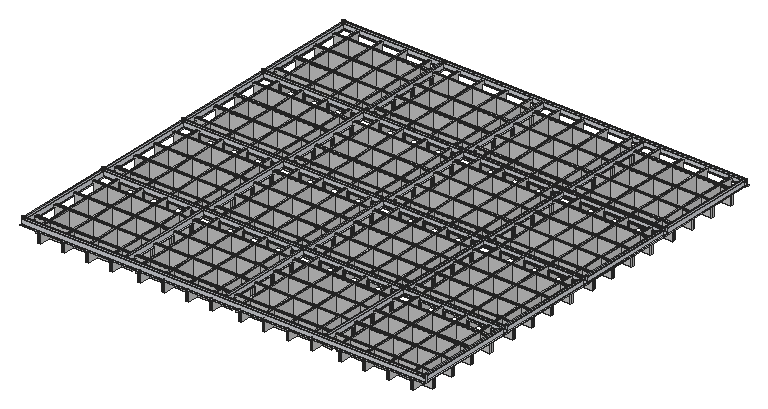
Revit family "GRD-WFL-001_RFA", category Modelos genéricos, Revit 2022
Family settings
  Puede alojar armadura = No
  Cota de conector redondo = Diámetro de uso
  Tipo de pieza = Normal
  Se basa en plano de trabajo = No
  Siempre vertical = Sí
  Corte con vacíos al cargar = No
  Mantener orientación de anotación = No
  Compartido = No
  Punto de cálculo de habitación = No
Parameters
  Elevación por defecto = 0.00"
Reference planes (in)
  plane 1 "Centro (Frontal/Posterior)": y = 0
  plane 2: z = 0
  plane 3 "Centro (Izquierda/Derecha)": x = 0
Forms (in)
  Extrusion 1, solid, not visible
    sketch origin (0, 0, 0) x (1, 0, 0) y (0, 1, 0)
      loop
        line (0, 2.25) -> (0, 0) -> (108, 0) -> (108, 2.25) -> (0, 2.25)
    from 0 to 8
  Extrusion 2, solid, not visible
    sketch origin (0, 0, 0) x (1, 0, 0) y (0, 1, 0)
      loop
        line (0, 2.25) -> (0, 0) -> (108, 0) -> (108, 2.25) -> (0, 2.25)
    from 0 to 8
  Extrusion 3, solid, not visible
    sketch origin (0, 8, 0) x (1, 0, 0) y (0, 1, 0)
      loop
        line (0, 2.25) -> (0, 0) -> (108, 0) -> (108, 2.25) -> (0, 2.25)
    from 0 to 8
  Extrusion 4, solid, not visible
    sketch origin (0, 16, 0) x (1, 0, 0) y (0, 1, 0)
      loop
        line (0, 2.25) -> (0, 0) -> (108, 0) -> (108, 2.25) -> (0, 2.25)
    from 0 to 8
  Extrusion 5, solid, not visible
    sketch origin (0, 24, 0) x (1, 0, 0) y (0, 1, 0)
      loop
        line (0, 2.25) -> (0, 0) -> (108, 0) -> (108, 2.25) -> (0, 2.25)
    from 0 to 8
  Extrusion 6, solid, not visible
    sketch origin (0, 32, 0) x (1, 0, 0) y (0, 1, 0)
      loop
        line (0, 2.25) -> (0, 0) -> (108, 0) -> (108, 2.25) -> (0, 2.25)
    from 0 to 8
  Extrusion 7, solid, not visible
    sketch origin (0, 40, 0) x (1, 0, 0) y (0, 1, 0)
      loop
        line (0, 2.25) -> (0, 0) -> (108, 0) -> (108, 2.25) -> (0, 2.25)
    from 0 to 8
  Extrusion 8, solid, not visible
    sketch origin (0, 48, 0) x (1, 0, 0) y (0, 1, 0)
      loop
        line (0, 2.25) -> (0, 0) -> (108, 0) -> (108, 2.25) -> (0, 2.25)
    from 0 to 8
  Extrusion 9, solid, not visible
    sketch origin (0, 56, 0) x (1, 0, 0) y (0, 1, 0)
      loop
        line (0, 2.25) -> (0, 0) -> (108, 0) -> (108, 2.25) -> (0, 2.25)
    from 0 to 8
  Extrusion 10, solid, not visible
    sketch origin (0, 64, 0) x (1, 0, 0) y (0, 1, 0)
      loop
        line (0, 2.25) -> (0, 0) -> (108, 0) -> (108, 2.25) -> (0, 2.25)
    from 0 to 8
  Extrusion 11, solid, not visible
    sketch origin (0, 72, 0) x (1, 0, 0) y (0, 1, 0)
      loop
        line (0, 2.25) -> (0, 0) -> (108, 0) -> (108, 2.25) -> (0, 2.25)
    from 0 to 8
  Extrusion 12, solid, not visible
    sketch origin (0, 80, 0) x (1, 0, 0) y (0, 1, 0)
      loop
        line (0, 2.25) -> (0, 0) -> (108, 0) -> (108, 2.25) -> (0, 2.25)
    from 0 to 8
  Extrusion 13, solid, not visible
    sketch origin (0, 88, 0) x (1, 0, 0) y (0, 1, 0)
      loop
        line (0, 2.25) -> (0, 0) -> (108, 0) -> (108, 2.25) -> (0, 2.25)
    from 0 to 8
  Extrusion 14, solid, not visible
    sketch origin (0, 96, 0) x (1, 0, 0) y (0, 1, 0)
      loop
        line (0, 2.25) -> (0, 0) -> (108, 0) -> (108, 2.25) -> (0, 2.25)
    from 0 to 8
  Extrusion 15, solid, not visible
    sketch origin (0, 104, 0) x (1, 0, 0) y (0, 1, 0)
      loop
        line (0, 2.25) -> (0, 0) -> (108, 0) -> (108, 2.25) -> (0, 2.25)
    from 0 to 8
  Extrusion 16, solid, not visible
    sketch origin (0, 112, 0) x (1, 0, 0) y (0, 1, 0)
      loop
        line (0, 2.25) -> (0, 0) -> (108, 0) -> (108, 2.25) -> (0, 2.25)
    from 0 to 8
  Extrusion 17, solid, not visible
    sketch origin (0, 120, 0) x (1, 0, 0) y (0, 1, 0)
      loop
        line (0, 2.25) -> (0, 0) -> (108, 0) -> (108, 2.25) -> (0, 2.25)
    from 0 to 8
  Extrusion 18, solid, not visible
    sketch origin (0, 128, 0) x (1, 0, 0) y (0, 1, 0)
      loop
        line (0, 2.25) -> (0, 0) -> (108, 0) -> (108, 2.25) -> (0, 2.25)
    from 0 to 8
  Extrusion 19, solid, not visible
    sketch origin (0, 136, 0) x (1, 0, 0) y (0, 1, 0)
      loop
        line (0, 2.25) -> (0, 0) -> (108, 0) -> (108, 2.25) -> (0, 2.25)
    from 0 to 8
  Extrusion 20, solid, not visible
    sketch origin (0, 144, 0) x (1, 0, 0) y (0, 1, 0)
      loop
        line (0, 2.25) -> (0, 0) -> (108, 0) -> (108, 2.25) -> (0, 2.25)
    from 0 to 8
  Extrusion 21, solid, not visible
    sketch origin (0, 152, 0) x (1, 0, 0) y (0, 1, 0)
      loop
        line (0, 2.25) -> (0, 0) -> (108, 0) -> (108, 2.25) -> (0, 2.25)
    from 0 to 8
  Extrusion 22, solid, not visible
    sketch origin (109, 0, 0) x (1, 0, 0) y (0, 1, 0)
      loop
        line (0, 2.25) -> (0, 0) -> (108, 0) -> (108, 2.25) -> (0, 2.25)
    from 0 to 8
  Extrusion 23, solid, not visible
    sketch origin (109, 8, 0) x (1, 0, 0) y (0, 1, 0)
      loop
        line (0, 2.25) -> (0, 0) -> (108, 0) -> (108, 2.25) -> (0, 2.25)
    from 0 to 8
  Extrusion 24, solid, not visible
    sketch origin (109, 16, 0) x (1, 0, 0) y (0, 1, 0)
      loop
        line (0, 2.25) -> (0, 0) -> (108, 0) -> (108, 2.25) -> (0, 2.25)
    from 0 to 8
  Extrusion 25, solid, not visible
    sketch origin (109, 24, 0) x (1, 0, 0) y (0, 1, 0)
      loop
        line (0, 2.25) -> (0, 0) -> (108, 0) -> (108, 2.25) -> (0, 2.25)
    from 0 to 8
  Extrusion 26, solid, not visible
    sketch origin (109, 32, 0) x (1, 0, 0) y (0, 1, 0)
      loop
        line (0, 2.25) -> (0, 0) -> (108, 0) -> (108, 2.25) -> (0, 2.25)
    from 0 to 8
  Extrusion 27, solid, not visible
    sketch origin (109, 40, 0) x (1, 0, 0) y (0, 1, 0)
      loop
        line (0, 2.25) -> (0, 0) -> (108, 0) -> (108, 2.25) -> (0, 2.25)
    from 0 to 8
  Extrusion 28, solid, not visible
    sketch origin (109, 48, 0) x (1, 0, 0) y (0, 1, 0)
      loop
        line (0, 2.25) -> (0, 0) -> (108, 0) -> (108, 2.25) -> (0, 2.25)
    from 0 to 8
  Extrusion 29, solid, not visible
    sketch origin (109, 56, 0) x (1, 0, 0) y (0, 1, 0)
      loop
        line (0, 2.25) -> (0, 0) -> (108, 0) -> (108, 2.25) -> (0, 2.25)
    from 0 to 8
  Extrusion 30, solid, not visible
    sketch origin (109, 64, 0) x (1, 0, 0) y (0, 1, 0)
      loop
        line (0, 2.25) -> (0, 0) -> (108, 0) -> (108, 2.25) -> (0, 2.25)
    from 0 to 8
  Extrusion 31, solid, not visible
    sketch origin (109, 72, 0) x (1, 0, 0) y (0, 1, 0)
      loop
        line (0, 2.25) -> (0, 0) -> (108, 0) -> (108, 2.25) -> (0, 2.25)
    from 0 to 8
  Extrusion 32, solid, not visible
    sketch origin (109, 80, 0) x (1, 0, 0) y (0, 1, 0)
      loop
        line (0, 2.25) -> (0, 0) -> (108, 0) -> (108, 2.25) -> (0, 2.25)
    from 0 to 8
  Extrusion 33, solid, not visible
    sketch origin (109, 88, 0) x (1, 0, 0) y (0, 1, 0)
      loop
        line (0, 2.25) -> (0, 0) -> (108, 0) -> (108, 2.25) -> (0, 2.25)
    from 0 to 8
  Extrusion 34, solid, not visible
    sketch origin (109, 96, 0) x (1, 0, 0) y (0, 1, 0)
      loop
        line (0, 2.25) -> (0, 0) -> (108, 0) -> (108, 2.25) -> (0, 2.25)
    from 0 to 8
  Extrusion 35, solid, not visible
    sketch origin (109, 104, 0) x (1, 0, 0) y (0, 1, 0)
      loop
        line (0, 2.25) -> (0, 0) -> (108, 0) -> (108, 2.25) -> (0, 2.25)
    from 0 to 8
  Extrusion 36, solid, not visible
    sketch origin (109, 112, 0) x (1, 0, 0) y (0, 1, 0)
      loop
        line (0, 2.25) -> (0, 0) -> (108, 0) -> (108, 2.25) -> (0, 2.25)
    from 0 to 8
  Extrusion 37, solid, not visible
    sketch origin (109, 120, 0) x (1, 0, 0) y (0, 1, 0)
      loop
        line (0, 2.25) -> (0, 0) -> (108, 0) -> (108, 2.25) -> (0, 2.25)
    from 0 to 8
  Extrusion 38, solid, not visible
    sketch origin (109, 128, 0) x (1, 0, 0) y (0, 1, 0)
      loop
        line (0, 2.25) -> (0, 0) -> (108, 0) -> (108, 2.25) -> (0, 2.25)
    from 0 to 8
  Extrusion 39, solid, not visible
    sketch origin (109, 136, 0) x (1, 0, 0) y (0, 1, 0)
      loop
        line (0, 2.25) -> (0, 0) -> (108, 0) -> (108, 2.25) -> (0, 2.25)
    from 0 to 8
  Extrusion 40, solid, not visible
    sketch origin (109, 144, 0) x (1, 0, 0) y (0, 1, 0)
      loop
        line (0, 2.25) -> (0, 0) -> (108, 0) -> (108, 2.25) -> (0, 2.25)
    from 0 to 8
  Extrusion 41, solid, not visible
    sketch origin (109, 152, 0) x (1, 0, 0) y (0, 1, 0)
      loop
        line (0, 2.25) -> (0, 0) -> (108, 0) -> (108, 2.25) -> (0, 2.25)
    from 0 to 8
  Extrusion 42, solid, not visible
    sketch origin (-108, 0, 0) x (1, 0, 0) y (0, 1, 0)
      loop
        line (0, 2.25) -> (0, 0) -> (108, 0) -> (108, 2.25) -> (0, 2.25)
    from 0 to 8
  Extrusion 43, solid, not visible
    sketch origin (-108, 8, 0) x (1, 0, 0) y (0, 1, 0)
      loop
        line (0, 2.25) -> (0, 0) -> (108, 0) -> (108, 2.25) -> (0, 2.25)
    from 0 to 8
  Extrusion 44, solid, not visible
    sketch origin (-108, 16, 0) x (1, 0, 0) y (0, 1, 0)
      loop
        line (0, 2.25) -> (0, 0) -> (108, 0) -> (108, 2.25) -> (0, 2.25)
    from 0 to 8
  Extrusion 45, solid, not visible
    sketch origin (-108, 24, 0) x (1, 0, 0) y (0, 1, 0)
      loop
        line (0, 2.25) -> (0, 0) -> (108, 0) -> (108, 2.25) -> (0, 2.25)
    from 0 to 8
  Extrusion 46, solid, not visible
    sketch origin (-108, 32, 0) x (1, 0, 0) y (0, 1, 0)
      loop
        line (0, 2.25) -> (0, 0) -> (108, 0) -> (108, 2.25) -> (0, 2.25)
    from 0 to 8
  Extrusion 47, solid, not visible
    sketch origin (-108, 40, 0) x (1, 0, 0) y (0, 1, 0)
      loop
        line (0, 2.25) -> (0, 0) -> (108, 0) -> (108, 2.25) -> (0, 2.25)
    from 0 to 8
  Extrusion 48, solid, not visible
    sketch origin (1, 0, 0) x (1, 0, 0) y (0, 1, 0)
      loop
        line (0, 2.25) -> (0, 0) -> (108, 0) -> (108, 2.25) -> (0, 2.25)
    from 0 to 8
  Extrusion 49, solid, not visible
    sketch origin (1, 8, 0) x (1, 0, 0) y (0, 1, 0)
      loop
        line (0, 2.25) -> (0, 0) -> (108, 0) -> (108, 2.25) -> (0, 2.25)
    from 0 to 8
  Extrusion 50, solid, not visible
    sketch origin (1, 16, 0) x (1, 0, 0) y (0, 1, 0)
      loop
        line (0, 2.25) -> (0, 0) -> (108, 0) -> (108, 2.25) -> (0, 2.25)
    from 0 to 8
  Extrusion 51, solid, not visible
    sketch origin (1, 24, 0) x (1, 0, 0) y (0, 1, 0)
      loop
        line (0, 2.25) -> (0, 0) -> (108, 0) -> (108, 2.25) -> (0, 2.25)
    from 0 to 8
  Extrusion 52, solid, not visible
    sketch origin (1, 32, 0) x (1, 0, 0) y (0, 1, 0)
      loop
        line (0, 2.25) -> (0, 0) -> (108, 0) -> (108, 2.25) -> (0, 2.25)
    from 0 to 8
  Extrusion 53, solid, not visible
    sketch origin (1, 40, 0) x (1, 0, 0) y (0, 1, 0)
      loop
        line (0, 2.25) -> (0, 0) -> (108, 0) -> (108, 2.25) -> (0, 2.25)
    from 0 to 8
  Extrusion 54, solid, not visible
    sketch origin (-108, 48, 0) x (1, 0, 0) y (0, 1, 0)
      loop
        line (0, 2.25) -> (0, 0) -> (108, 0) -> (108, 2.25) -> (0, 2.25)
    from 0 to 8
  Extrusion 55, solid, not visible
    sketch origin (-108, 56, 0) x (1, 0, 0) y (0, 1, 0)
      loop
        line (0, 2.25) -> (0, 0) -> (108, 0) -> (108, 2.25) -> (0, 2.25)
    from 0 to 8
  Extrusion 56, solid, not visible
    sketch origin (-108, 64, 0) x (1, 0, 0) y (0, 1, 0)
      loop
        line (0, 2.25) -> (0, 0) -> (108, 0) -> (108, 2.25) -> (0, 2.25)
    from 0 to 8
  Extrusion 57, solid, not visible
    sketch origin (-108, 72, 0) x (1, 0, 0) y (0, 1, 0)
      loop
        line (0, 2.25) -> (0, 0) -> (108, 0) -> (108, 2.25) -> (0, 2.25)
    from 0 to 8
  Extrusion 58, solid, not visible
    sketch origin (-108, 80, 0) x (1, 0, 0) y (0, 1, 0)
      loop
        line (0, 2.25) -> (0, 0) -> (108, 0) -> (108, 2.25) -> (0, 2.25)
    from 0 to 8
  Extrusion 59, solid, not visible
    sketch origin (1, 48, 0) x (1, 0, 0) y (0, 1, 0)
      loop
        line (0, 2.25) -> (0, 0) -> (108, 0) -> (108, 2.25) -> (0, 2.25)
    from 0 to 8
  Extrusion 60, solid, not visible
    sketch origin (1, 56, 0) x (1, 0, 0) y (0, 1, 0)
      loop
        line (0, 2.25) -> (0, 0) -> (108, 0) -> (108, 2.25) -> (0, 2.25)
    from 0 to 8
  Extrusion 61, solid, not visible
    sketch origin (1, 64, 0) x (1, 0, 0) y (0, 1, 0)
      loop
        line (0, 2.25) -> (0, 0) -> (108, 0) -> (108, 2.25) -> (0, 2.25)
    from 0 to 8
  Extrusion 62, solid, not visible
    sketch origin (1, 72, 0) x (1, 0, 0) y (0, 1, 0)
      loop
        line (0, 2.25) -> (0, 0) -> (108, 0) -> (108, 2.25) -> (0, 2.25)
    from 0 to 8
  Extrusion 63, solid, not visible
    sketch origin (1, 80, 0) x (1, 0, 0) y (0, 1, 0)
      loop
        line (0, 2.25) -> (0, 0) -> (108, 0) -> (108, 2.25) -> (0, 2.25)
    from 0 to 8
  Extrusion 64, solid, not visible
    sketch origin (-108, 88, 0) x (1, 0, 0) y (0, 1, 0)
      loop
        line (0, 2.25) -> (0, 0) -> (108, 0) -> (108, 2.25) -> (0, 2.25)
    from 0 to 8
  Extrusion 65, solid, not visible
    sketch origin (-108, 96, 0) x (1, 0, 0) y (0, 1, 0)
      loop
        line (0, 2.25) -> (0, 0) -> (108, 0) -> (108, 2.25) -> (0, 2.25)
    from 0 to 8
  Extrusion 66, solid, not visible
    sketch origin (-108, 104, 0) x (1, 0, 0) y (0, 1, 0)
      loop
        line (0, 2.25) -> (0, 0) -> (108, 0) -> (108, 2.25) -> (0, 2.25)
    from 0 to 8
  Extrusion 67, solid, not visible
    sketch origin (-108, 112, 0) x (1, 0, 0) y (0, 1, 0)
      loop
        line (0, 2.25) -> (0, 0) -> (108, 0) -> (108, 2.25) -> (0, 2.25)
    from 0 to 8
  Extrusion 68, solid, not visible
    sketch origin (-108, 120, 0) x (1, 0, 0) y (0, 1, 0)
      loop
        line (0, 2.25) -> (0, 0) -> (108, 0) -> (108, 2.25) -> (0, 2.25)
    from 0 to 8
  Extrusion 69, solid, not visible
    sketch origin (1, 88, 0) x (1, 0, 0) y (0, 1, 0)
      loop
        line (0, 2.25) -> (0, 0) -> (108, 0) -> (108, 2.25) -> (0, 2.25)
    from 0 to 8
  Extrusion 70, solid, not visible
    sketch origin (1, 96, 0) x (1, 0, 0) y (0, 1, 0)
      loop
        line (0, 2.25) -> (0, 0) -> (108, 0) -> (108, 2.25) -> (0, 2.25)
    from 0 to 8
  Extrusion 71, solid, not visible
    sketch origin (1, 104, 0) x (1, 0, 0) y (0, 1, 0)
      loop
        line (0, 2.25) -> (0, 0) -> (108, 0) -> (108, 2.25) -> (0, 2.25)
    from 0 to 8
  Extrusion 72, solid, not visible
    sketch origin (1, 112, 0) x (1, 0, 0) y (0, 1, 0)
      loop
        line (0, 2.25) -> (0, 0) -> (108, 0) -> (108, 2.25) -> (0, 2.25)
    from 0 to 8
  Extrusion 73, solid, not visible
    sketch origin (1, 120, 0) x (1, 0, 0) y (0, 1, 0)
      loop
        line (0, 2.25) -> (0, 0) -> (108, 0) -> (108, 2.25) -> (0, 2.25)
    from 0 to 8
  Extrusion 74, solid, not visible
    sketch origin (-108, 128, 0) x (1, 0, 0) y (0, 1, 0)
      loop
        line (0, 2.25) -> (0, 0) -> (108, 0) -> (108, 2.25) -> (0, 2.25)
    from 0 to 8
  Extrusion 75, solid, not visible
    sketch origin (-108, 136, 0) x (1, 0, 0) y (0, 1, 0)
      loop
        line (0, 2.25) -> (0, 0) -> (108, 0) -> (108, 2.25) -> (0, 2.25)
    from 0 to 8
  Extrusion 76, solid, not visible
    sketch origin (-108, 144, 0) x (1, 0, 0) y (0, 1, 0)
      loop
        line (0, 2.25) -> (0, 0) -> (108, 0) -> (108, 2.25) -> (0, 2.25)
    from 0 to 8
  Extrusion 77, solid, not visible
    sketch origin (-108, 152, 0) x (1, 0, 0) y (0, 1, 0)
      loop
        line (0, 2.25) -> (0, 0) -> (108, 0) -> (108, 2.25) -> (0, 2.25)
    from 0 to 8
  Extrusion 78, solid, not visible
    sketch origin (-108, 160, 0) x (1, 0, 0) y (0, 1, 0)
      loop
        line (0, 2.25) -> (0, 0) -> (108, 0) -> (108, 2.25) -> (0, 2.25)
    from 0 to 8
  Extrusion 79, solid, not visible
    sketch origin (1, 128, 0) x (1, 0, 0) y (0, 1, 0)
      loop
        line (0, 2.25) -> (0, 0) -> (108, 0) -> (108, 2.25) -> (0, 2.25)
    from 0 to 8
  Extrusion 80, solid, not visible
    sketch origin (1, 136, 0) x (1, 0, 0) y (0, 1, 0)
      loop
        line (0, 2.25) -> (0, 0) -> (108, 0) -> (108, 2.25) -> (0, 2.25)
    from 0 to 8
  Extrusion 81, solid, not visible
    sketch origin (1, 144, 0) x (1, 0, 0) y (0, 1, 0)
      loop
        line (0, 2.25) -> (0, 0) -> (108, 0) -> (108, 2.25) -> (0, 2.25)
    from 0 to 8
  Extrusion 82, solid, not visible
    sketch origin (1, 152, 0) x (1, 0, 0) y (0, 1, 0)
      loop
        line (0, 2.25) -> (0, 0) -> (108, 0) -> (108, 2.25) -> (0, 2.25)
    from 0 to 8
  Extrusion 83, solid, not visible
    sketch origin (1, 160, 0) x (1, 0, 0) y (0, 1, 0)
      loop
        line (0, 2.25) -> (0, 0) -> (108, 0) -> (108, 2.25) -> (0, 2.25)
    from 0 to 8
  Extrusion 84, solid, not visible
    sketch origin (0, 0, 0) x (1, 0, 0) y (0, 1, 0)
      loop
        line (0, 3) -> (0, 0) -> (108, 0) -> (108, 3) -> (0, 3)
    from 0 to 8
  Extrusion 85, void, not visible
    sketch origin (0, 0, 0) x (1, 0, 0) y (0, 1, 0)
      loop
        line (6, 2) -> (6, 1) -> (66, 1) -> (66, 2) -> (6, 2)
    from 0 to 1.03
  Extrusion 86, solid, not visible
    sketch origin (0, 0, 0) x (1, 0, 0) y (0, 1, 0)
      loop
        line (0, 3) -> (0, 0) -> (108, 0) -> (108, 3) -> (0, 3)
    from 0 to 8
  Extrusion 87, void, not visible
    sketch origin (0, 0, 0) x (1, 0, 0) y (0, 1, 0)
      loop
        line (6, 2) -> (6, 1) -> (66, 1) -> (66, 2) -> (6, 2)
    from 0 to 1.03
  Extrusion 88, solid, not visible
    sketch origin (0, 0, 0) x (1, 0, 0) y (0, 1, 0)
      loop
        line (6, 2) -> (6, 1) -> (66, 1) -> (66, 2) -> (6, 2)
    from 0 to 1.03
  Extrusion 89, solid, not visible
    sketch origin (0, 32, 0) x (1, 0, 0) y (0, 1, 0)
      loop
        line (0, 3) -> (0, 0) -> (108, 0) -> (108, 3) -> (0, 3)
    from 0 to 8
  Extrusion 90, void, not visible
    sketch origin (0, 32, 0) x (1, 0, 0) y (0, 1, 0)
      loop
        line (6, 2) -> (6, 1) -> (102, 1) -> (102, 2) -> (6, 2)
    from 0 to 1.03
  Extrusion 91, solid, not visible
    sketch origin (8.95842, -18.67436, 0) x (1, 0, 0) y (0, 1, 0)
      loop
        line (-8.48642, 97.64679) -> (-8.48642, 97.17436) -> (98.56914, 97.17436) -> (98.56914, 97.64679) -> (-8.48642, 97.64679)
    from 0.59055 to 8
  Extrusion 92, solid, not visible
    sketch origin (8.95842, -16.6468, 0) x (1, 0, 0) y (0, 1, 0)
      loop
        line (-8.48642, 97.64679) -> (-8.48642, 97.17436) -> (98.56914, 97.17436) -> (98.56914, 97.64679) -> (-8.48642, 97.64679)
    from 0.59055 to 8
  Extrusion 93, solid, not visible
    sketch origin (60.46912, 110.28574, 0) x (1, 0, 0) y (0, 1, 0)
      loop
        line (45.03088, -29.28574) -> (-57.96911, -29.28574) -> (-57.96911, -31.78574) -> (45.03088, -31.78574) -> (45.03088, -29.28574)
      loop
        line (23.78088, -31.03574) -> (41.78088, -31.03574) -> (41.78088, -30.03574) -> (23.78088, -30.03574) -> (23.78088, -31.03574)
      loop
        line (-54.71912, -31.03574) -> (-36.71912, -31.03574) -> (-36.71912, -30.03574) -> (-54.71912, -30.03574) -> (-54.71912, -31.03574)
    from 0 to 0.59055
  Extrusion 94, solid, not visible
    sketch origin (108, 51.5, 0) x (0, 1, 0) y (-1, 0, 0)
      loop
        line (27.75, 102.25) -> (27.75, 84.25) -> (28.75, 84.25) -> (28.75, 102.25) -> (27.75, 102.25)
    from 0 to 1
  Extrusion 95, solid, not visible
    sketch origin (186.5, 51.5, 0) x (0, 1, 0) y (-1, 0, 0)
      loop
        line (27.75, 102.25) -> (27.75, 84.25) -> (28.75, 84.25) -> (28.75, 102.25) -> (27.75, 102.25)
    from 0 to 1
  Extrusion 96, solid, not visible
    sketch origin (8.95842, -44.42438, 0) x (1, 0, 0) y (0, 1, 0)
      loop
        line (-8.48642, 97.64679) -> (-8.48642, 97.17436) -> (98.56914, 97.17436) -> (98.56914, 97.64679) -> (-8.48642, 97.64679)
    from 0.59055 to 8
  Extrusion 97, solid, not visible
    sketch origin (8.95842, -42.39682, 0) x (1, 0, 0) y (0, 1, 0)
      loop
        line (-8.48642, 97.64679) -> (-8.48642, 97.17436) -> (98.56914, 97.17436) -> (98.56914, 97.64679) -> (-8.48642, 97.64679)
    from 0.59055 to 8
  Extrusion 98, solid, not visible
    sketch origin (60.46912, 84.53571, 0) x (1, 0, 0) y (0, 1, 0)
      loop
        line (45.03088, -29.28574) -> (-57.96911, -29.28574) -> (-57.96911, -31.78574) -> (45.03088, -31.78574) -> (45.03088, -29.28574)
      loop
        line (-28.96912, -31.03574) -> (-10.96912, -31.03574) -> (-10.96912, -30.03574) -> (-28.96912, -30.03574) -> (-28.96912, -31.03574)
      loop
        line (-3.21912, -31.03571) -> (14.78088, -31.03571) -> (14.78088, -30.03571) -> (-3.21912, -30.03571) -> (-3.21912, -31.03571)
    from 0 to 0.59055
  Extrusion 99, solid, not visible
    sketch origin (133.74998, 25.74998, 0) x (0, 1, 0) y (-1, 0, 0)
      loop
        line (27.75, 102.25) -> (27.75, 84.25) -> (28.75, 84.25) -> (28.75, 102.25) -> (27.75, 102.25)
    from 0 to 1
  Extrusion 100, solid, not visible
    sketch origin (159.49998, 25.74998, 0) x (0, 1, 0) y (-1, 0, 0)
      loop
        line (27.75, 102.25) -> (27.75, 84.25) -> (28.75, 84.25) -> (28.75, 102.25) -> (27.75, 102.25)
    from 0 to 1
  Extrusion 101, solid, not visible
    sketch origin (8.95842, -70.17436, 0) x (1, 0, 0) y (0, 1, 0)
      loop
        line (-8.48642, 97.64679) -> (-8.48642, 97.17436) -> (98.56914, 97.17436) -> (98.56914, 97.64679) -> (-8.48642, 97.64679)
    from 0.59055 to 8
  Extrusion 102, solid, not visible
    sketch origin (8.95842, -68.1468, 0) x (1, 0, 0) y (0, 1, 0)
      loop
        line (-8.48642, 97.64679) -> (-8.48642, 97.17436) -> (98.56914, 97.17436) -> (98.56914, 97.64679) -> (-8.48642, 97.64679)
    from 0.59055 to 8
  Extrusion 103, solid, not visible
    sketch origin (60.46912, 58.78574, 0) x (1, 0, 0) y (0, 1, 0)
      loop
        line (45.03088, -29.28574) -> (-57.96911, -29.28574) -> (-57.96911, -31.78574) -> (45.03088, -31.78574) -> (45.03088, -29.28574)
      loop
        line (23.78088, -31.03574) -> (41.78088, -31.03574) -> (41.78088, -30.03574) -> (23.78088, -30.03574) -> (23.78088, -31.03574)
      loop
        line (-54.71912, -31.03574) -> (-36.71912, -31.03574) -> (-36.71912, -30.03574) -> (-54.71912, -30.03574) -> (-54.71912, -31.03574)
    from 0 to 0.59055
  Extrusion 104, solid, not visible
    sketch origin (108, 0, 0) x (0, 1, 0) y (-1, 0, 0)
      loop
        line (27.75, 102.25) -> (27.75, 84.25) -> (28.75, 84.25) -> (28.75, 102.25) -> (27.75, 102.25)
    from 0 to 1
  Extrusion 105, solid, not visible
    sketch origin (186.5, 0, 0) x (0, 1, 0) y (-1, 0, 0)
      loop
        line (27.75, 102.25) -> (27.75, 84.25) -> (28.75, 84.25) -> (28.75, 102.25) -> (27.75, 102.25)
    from 0 to 1
  Extrusion 106, solid, not visible
    sketch origin (-70.17436, 99.04114, 0) x (0, -1, 0) y (1, 0, 0)
      loop
        line (-8.48642, 97.64679) -> (-8.48642, 97.17436) -> (98.56914, 97.17436) -> (98.56914, 97.64679) -> (-8.48642, 97.64679)
    from 0.59055 to 8
  Extrusion 107, solid, not visible
    sketch origin (-68.1468, 99.04114, 0) x (0, -1, 0) y (1, 0, 0)
      loop
        line (-8.48642, 97.64679) -> (-8.48642, 97.17436) -> (98.56914, 97.17436) -> (98.56914, 97.64679) -> (-8.48642, 97.64679)
    from 0.59055 to 8
  Extrusion 108, solid, not visible
    sketch origin (-2.28571, 86.21912, 0) x (0, 1, 0) y (-1, 0, 0)
      loop
        line (19.28088, -29.28574) -> (-83.71912, -29.28574) -> (-83.71912, -31.78574) -> (19.28088, -31.78574) -> (19.28088, -29.28574)
      loop
        line (16.03088, -31.03571) -> (16.03088, -30.03571) -> (-1.96912, -30.03571) -> (-1.96912, -31.03571) -> (16.03088, -31.03571)
      loop
        line (-62.46912, -31.03571) -> (-62.46912, -30.03571) -> (-80.46912, -30.03571) -> (-80.46912, -31.03571) -> (-62.46912, -31.03571)
    from 0 to 0.59055
  Extrusion 109, solid, not visible
    sketch origin (0, 0, 0) x (1, 0, 0) y (0, 1, 0)
      loop
        line (27.75, 102.25) -> (27.75, 84.25) -> (28.75, 84.25) -> (28.75, 102.25) -> (27.75, 102.25)
    from 0 to 1
  Extrusion 110, solid, not visible
    sketch origin (0, -78.5, 0) x (1, 0, 0) y (0, 1, 0)
      loop
        line (27.75, 102.25) -> (27.75, 84.25) -> (28.75, 84.25) -> (28.75, 102.25) -> (27.75, 102.25)
    from 0 to 1
  Extrusion 111, solid, not visible
    sketch origin (-44.89438, 99.04114, 0) x (0, -1, 0) y (1, 0, 0)
      loop
        line (-8.48642, 97.64679) -> (-8.48642, 97.17436) -> (98.56914, 97.17436) -> (98.56914, 97.64679) -> (-8.48642, 97.64679)
    from 0.59055 to 8
  Extrusion 112, solid, not visible
    sketch origin (-42.39682, 99.04114, 0) x (0, -1, 0) y (1, 0, 0)
      loop
        line (-8.48642, 97.64679) -> (-8.48642, 97.17436) -> (98.56914, 97.17436) -> (98.56914, 97.64679) -> (-8.48642, 97.64679)
    from 0.59055 to 8
  Extrusion 113, solid, not visible
    sketch origin (23.46427, 86.21912, 0) x (0, 1, 0) y (-1, 0, 0)
      loop
        line (19.28088, -28.81571) -> (-83.71912, -28.81571) -> (-83.71912, -31.78574) -> (19.28088, -31.78574) -> (19.28088, -28.81571)
      loop
        line (-28.96912, -29.78573) -> (-28.96912, -30.78571) -> (-10.96912, -30.78571) -> (-10.96912, -29.78573) -> (-28.96912, -29.78573)
      loop
        line (-54.71914, -29.78573) -> (-54.71914, -30.78573) -> (-36.71914, -30.78573) -> (-36.71914, -29.78573) -> (-54.71914, -29.78573)
    from 0 to 0.59055
  Extrusion 114, solid, not visible
    sketch origin (25.74998, -27, 0) x (1, 0, 0) y (0, 1, 0)
      loop
        line (27.50002, 102.25) -> (27.50002, 84.25) -> (28.5, 84.25) -> (28.5, 102.25) -> (27.50002, 102.25)
    from 0 to 1
  Extrusion 115, solid, not visible
    sketch origin (25.74998, -52.75002, 0) x (1, 0, 0) y (0, 1, 0)
      loop
        line (27.50002, 102.25) -> (27.50002, 84.25) -> (28.50002, 84.25) -> (28.50002, 102.25) -> (27.50002, 102.25)
    from 0 to 1
  Extrusion 116, solid, not visible
    sketch origin (-18.67436, 99.04114, 0) x (0, -1, 0) y (1, 0, 0)
      loop
        line (-8.48642, 97.64679) -> (-8.48642, 97.17436) -> (98.56914, 97.17436) -> (98.56914, 97.64679) -> (-8.48642, 97.64679)
    from 0.59055 to 8
  Extrusion 117, solid, not visible
    sketch origin (-16.6468, 99.04114, 0) x (0, -1, 0) y (1, 0, 0)
      loop
        line (-8.48642, 97.64679) -> (-8.48642, 97.17436) -> (98.56914, 97.17436) -> (98.56914, 97.64679) -> (-8.48642, 97.64679)
    from 0.59055 to 8
  Extrusion 118, solid, not visible
    sketch origin (49.21426, 86.21912, 0) x (0, 1, 0) y (-1, 0, 0)
      loop
        line (19.28088, -29.28574) -> (-83.71912, -29.28574) -> (-83.71912, -31.78574) -> (19.28088, -31.78574) -> (19.28088, -29.28574)
      loop
        line (16.03088, -31.03571) -> (16.03088, -30.03571) -> (-1.96912, -30.03571) -> (-1.96912, -31.03571) -> (16.03088, -31.03571)
      loop
        line (-62.46912, -31.03571) -> (-62.46912, -30.03571) -> (-80.46912, -30.03571) -> (-80.46912, -31.03571) -> (-62.46912, -31.03571)
    from 0 to 0.59055
  Extrusion 119, solid, not visible
    sketch origin (51.49997, 0, 0) x (1, 0, 0) y (0, 1, 0)
      loop
        line (27.75, 102.25) -> (27.75, 84.25) -> (28.75, 84.25) -> (28.75, 102.25) -> (27.75, 102.25)
    from 0 to 1
  Extrusion 120, solid, not visible
    sketch origin (51.49997, -78.5, 0) x (1, 0, 0) y (0, 1, 0)
      loop
        line (27.75, 102.25) -> (27.75, 84.25) -> (28.75, 84.25) -> (28.75, 102.25) -> (27.75, 102.25)
    from 0 to 1
  Extrusion 121, solid, not visible
    sketch origin (10.23509, 91.82771, 0) x (0, -1, 0) y (1, 0, 0)
      loop
        line (-16.17229, 97.76491) -> (-15.69986, 97.29248) -> (91.35527, 97.29248) -> (91.82771, 97.76491) -> (-16.17229, 97.76491)
    from 0.59055 to 8
  Extrusion 122, solid, not visible
    sketch origin (137.28574, 61.88413, 0) x (0, 1, 0) y (-1, 0, 0)
      loop
        line (46.11587, 29.28574) -> (43.61587, 31.78574) -> (-59.38412, 31.78574) -> (-61.88412, 29.28574) -> (46.11587, 29.28574)
    from 0 to 0.59055
  Extrusion 123, solid, not visible
    sketch origin (8.20754, 91.82771, 0) x (0, -1, 0) y (1, 0, 0)
      loop
        line (-14.14474, 97.76491) -> (-13.67231, 97.29248) -> (89.32772, 97.29248) -> (89.80016, 97.76491) -> (-14.14474, 97.76491)
    from 0.59055 to 8.22418
  Extrusion 124, solid, not visible
    sketch origin (18.95842, 10.23509, 0) x (1, 0, 0) y (0, 1, 0)
      loop
        line (-18.95842, 97.76491) -> (-18.48598, 97.29247) -> (88.56914, 97.29247) -> (89.04158, 97.76491) -> (-18.95842, 97.76491)
    from 0.59055 to 8
  Extrusion 125, solid, not visible
    sketch origin (61.88413, 137.28574, 0) x (1, 0, 0) y (0, 1, 0)
      loop
        line (46.11587, -29.28574) -> (-61.88412, -29.28574) -> (-59.38412, -31.78574) -> (43.61587, -31.78574) -> (46.11587, -29.28574)
    from 0 to 0.59055
  Extrusion 126, solid, not visible
    sketch origin (18.95842, 8.20753, 0) x (1, 0, 0) y (0, 1, 0)
      loop
        line (-16.93086, 97.76491) -> (-16.45842, 97.29247) -> (86.54158, 97.29247) -> (87.01402, 97.76491) -> (-16.93086, 97.76491)
    from 0.59055 to 8
  Extrusion 127, solid, not visible
    sketch origin (-101.24865, 87.31603, 0) x (0, -1, 0) y (1, 0, 0)
      loop
        line (-20.21152, 101.72109) -> (-20.68397, 101.24865) -> (87.31604, 101.24865) -> (86.84359, 101.72109) -> (-20.21152, 101.72109)
    from 0.47244 to 8
  Extrusion 128, solid, not visible
    sketch origin (-29.28573, 61.88413, 0) x (0, 1, 0) y (-1, 0, 0)
      loop
        line (46.11587, -29.28574) -> (-61.88412, -29.28574) -> (-59.38412, -31.78574) -> (43.61587, -31.78574) -> (46.11587, -29.28574)
    from 0 to 0.59055
  Extrusion 129, solid, not visible
    sketch origin (-99.22109, 87.31603, 0) x (0, -1, 0) y (1, 0, 0)
      loop
        line (-18.18396, 101.72109) -> (-18.65641, 101.24865) -> (85.28848, 101.24865) -> (84.81603, 101.72109) -> (-18.18396, 101.72109)
    from 0.47244 to 8
  Extrusion 130, solid, not visible
    sketch origin (61.88413, -29.28574, 0) x (1, 0, 0) y (0, 1, 0)
      loop
        line (46.11587, 29.28574) -> (43.61587, 31.78574) -> (-59.38412, 31.78574) -> (-61.88412, 29.28574) -> (46.11587, 29.28574)
    from 0 to 0.47244
  Extrusion 131, solid, not visible
    sketch origin (8.95842, -97.17435, 0) x (1, 0, 0) y (0, 1, 0)
      loop
        line (-8.48598, 97.64679) -> (-8.95842, 97.17436) -> (99.04157, 97.17436) -> (98.56914, 97.64679) -> (-8.48598, 97.64679)
    from 0.59055 to 8
  Extrusion 132, solid, not visible
    sketch origin (8.95842, -95.14679, 0) x (1, 0, 0) y (0, 1, 0)
      loop
        line (-6.45842, 97.64679) -> (-6.93085, 97.17436) -> (97.01401, 97.17436) -> (96.54158, 97.64679) -> (-6.45842, 97.64679)
    from 0.59055 to 8
  Extrusion 133, solid, not visible
    sketch origin (61.88413, -29.28574, 0) x (1, 0, 0) y (0, 1, 0)
      loop
        line (46.11587, 29.28574) -> (43.61587, 31.78574) -> (-59.38412, 31.78574) -> (-61.88412, 29.28574) -> (46.11587, 29.28574)
    from 0 to 0.47244
  Extrusion 134, solid, not visible
    sketch origin (18.95842, 10.23509, 0) x (1, 0, 0) y (0, 1, 0)
      loop
        line (-18.95842, 97.76491) -> (-18.48598, 97.29247) -> (88.56914, 97.29247) -> (89.04158, 97.76491) -> (-18.95842, 97.76491)
    from 0.59055 to 8
  Extrusion 135, solid, not visible
    sketch origin (8.95842, -97.17435, 0) x (1, 0, 0) y (0, 1, 0)
      loop
        line (-8.48598, 97.64679) -> (-8.95842, 97.17436) -> (99.04157, 97.17436) -> (98.56914, 97.64679) -> (-8.48598, 97.64679)
    from 0.59055 to 8
  Extrusion 136, solid, not visible
    sketch origin (10.23509, 91.82771, 0) x (0, -1, 0) y (1, 0, 0)
      loop
        line (-16.17229, 97.76491) -> (-15.69986, 97.29248) -> (91.35527, 97.29248) -> (91.82771, 97.76491) -> (-16.17229, 97.76491)
    from 0.59055 to 8
  Extrusion 137, solid, not visible
    sketch origin (-101.24865, 87.31603, 0) x (0, -1, 0) y (1, 0, 0)
      loop
        line (-20.21152, 101.72109) -> (-20.68397, 101.24865) -> (87.31604, 101.24865) -> (86.84359, 101.72109) -> (-20.21152, 101.72109)
    from 0.47244 to 8
  Extrusion 138, solid, not visible
    sketch origin (61.88413, 137.28574, 0) x (1, 0, 0) y (0, 1, 0)
      loop
        line (46.11587, -29.28574) -> (-61.88412, -29.28574) -> (-59.38412, -31.78574) -> (43.61587, -31.78574) -> (46.11587, -29.28574)
    from 0 to 0.59055
  Extrusion 139, solid, not visible
    sketch origin (-29.28573, 61.88413, 0) x (0, 1, 0) y (-1, 0, 0)
      loop
        line (46.11587, -29.28574) -> (-61.88412, -29.28574) -> (-59.38412, -31.78574) -> (43.61587, -31.78574) -> (46.11587, -29.28574)
    from 0 to 0.59055
  Extrusion 140, solid, not visible
    sketch origin (137.28574, 61.88413, 0) x (0, 1, 0) y (-1, 0, 0)
      loop
        line (46.11587, 29.28574) -> (43.61587, 31.78574) -> (-59.38412, 31.78574) -> (-61.88412, 29.28574) -> (46.11587, 29.28574)
    from 0 to 0.59055
  Extrusion 141, solid, not visible
    sketch origin (8.95842, -95.14679, 0) x (1, 0, 0) y (0, 1, 0)
      loop
        line (-6.45842, 97.64679) -> (-6.93085, 97.17436) -> (97.01401, 97.17436) -> (96.54158, 97.64679) -> (-6.45842, 97.64679)
    from 0.59055 to 8
  Extrusion 142, solid, not visible
    sketch origin (-99.22109, 87.31603, 0) x (0, -1, 0) y (1, 0, 0)
      loop
        line (-18.18396, 101.72109) -> (-18.65641, 101.24865) -> (85.28848, 101.24865) -> (84.81603, 101.72109) -> (-18.18396, 101.72109)
    from 0.47244 to 8
  Extrusion 143, solid, not visible
    sketch origin (18.95842, 8.20753, 0) x (1, 0, 0) y (0, 1, 0)
      loop
        line (-16.93086, 97.76491) -> (-16.45842, 97.29247) -> (86.54158, 97.29247) -> (87.01402, 97.76491) -> (-16.93086, 97.76491)
    from 0.59055 to 8
  Extrusion 144, solid, not visible
    sketch origin (8.20754, 91.82771, 0) x (0, -1, 0) y (1, 0, 0)
      loop
        line (-14.14474, 97.76491) -> (-13.67231, 97.29248) -> (89.32772, 97.29248) -> (89.80016, 97.76491) -> (-14.14474, 97.76491)
    from 0.59055 to 8.22418
  Extrusion 145, solid, not visible
    sketch origin (8.95842, -70.17436, 0) x (1, 0, 0) y (0, 1, 0)
      loop
        line (-8.48642, 97.64679) -> (-8.48642, 97.17436) -> (98.56914, 97.17436) -> (98.56914, 97.64679) -> (-8.48642, 97.64679)
    from 0.59055 to 8
  Extrusion 146, solid, not visible
    sketch origin (8.95842, -68.1468, 0) x (1, 0, 0) y (0, 1, 0)
      loop
        line (-8.48642, 97.64679) -> (-8.48642, 97.17436) -> (98.56914, 97.17436) -> (98.56914, 97.64679) -> (-8.48642, 97.64679)
    from 0.59055 to 8
  Extrusion 147, solid, not visible
    sketch origin (8.95842, -44.42438, 0) x (1, 0, 0) y (0, 1, 0)
      loop
        line (-8.48642, 97.64679) -> (-8.48642, 97.17436) -> (98.56914, 97.17436) -> (98.56914, 97.64679) -> (-8.48642, 97.64679)
    from 0.59055 to 8
  Extrusion 148, solid, not visible
    sketch origin (8.95842, -42.39682, 0) x (1, 0, 0) y (0, 1, 0)
      loop
        line (-8.48642, 97.64679) -> (-8.48642, 97.17436) -> (98.56914, 97.17436) -> (98.56914, 97.64679) -> (-8.48642, 97.64679)
    from 0.59055 to 8
  Extrusion 149, solid, not visible
    sketch origin (8.95842, -18.67436, 0) x (1, 0, 0) y (0, 1, 0)
      loop
        line (-8.48642, 97.64679) -> (-8.48642, 97.17436) -> (98.56914, 97.17436) -> (98.56914, 97.64679) -> (-8.48642, 97.64679)
    from 0.59055 to 8
  Extrusion 150, solid, not visible
    sketch origin (8.95842, -16.6468, 0) x (1, 0, 0) y (0, 1, 0)
      loop
        line (-8.48642, 97.64679) -> (-8.48642, 97.17436) -> (98.56914, 97.17436) -> (98.56914, 97.64679) -> (-8.48642, 97.64679)
    from 0.59055 to 8
  Extrusion 151, solid, not visible
    sketch origin (-70.17436, 99.04114, 0) x (0, -1, 0) y (1, 0, 0)
      loop
        line (-8.48642, 97.64679) -> (-8.48642, 97.17436) -> (98.56914, 97.17436) -> (98.56914, 97.64679) -> (-8.48642, 97.64679)
    from 0.59055 to 8
  Extrusion 152, solid, not visible
    sketch origin (-68.1468, 99.04114, 0) x (0, -1, 0) y (1, 0, 0)
      loop
        line (-8.48642, 97.64679) -> (-8.48642, 97.17436) -> (98.56914, 97.17436) -> (98.56914, 97.64679) -> (-8.48642, 97.64679)
    from 0.59055 to 8
  Extrusion 153, solid, not visible
    sketch origin (-44.89438, 99.04114, 0) x (0, -1, 0) y (1, 0, 0)
      loop
        line (-8.48642, 97.64679) -> (-8.48642, 97.17436) -> (98.56914, 97.17436) -> (98.56914, 97.64679) -> (-8.48642, 97.64679)
    from 0.59055 to 8
  Extrusion 154, solid, not visible
    sketch origin (-42.39682, 99.04114, 0) x (0, -1, 0) y (1, 0, 0)
      loop
        line (-8.48642, 97.64679) -> (-8.48642, 97.17436) -> (98.56914, 97.17436) -> (98.56914, 97.64679) -> (-8.48642, 97.64679)
    from 0.59055 to 8
  Extrusion 155, solid, not visible
    sketch origin (-18.67436, 99.04114, 0) x (0, -1, 0) y (1, 0, 0)
      loop
        line (-8.48642, 97.64679) -> (-8.48642, 97.17436) -> (98.56914, 97.17436) -> (98.56914, 97.64679) -> (-8.48642, 97.64679)
    from 0.59055 to 8
  Extrusion 156, solid, not visible
    sketch origin (-16.6468, 99.04114, 0) x (0, -1, 0) y (1, 0, 0)
      loop
        line (-8.48642, 97.64679) -> (-8.48642, 97.17436) -> (98.56914, 97.17436) -> (98.56914, 97.64679) -> (-8.48642, 97.64679)
    from 0.59055 to 8
  Extrusion 157, solid, not visible
    sketch origin (60.46912, 110.28574, 0) x (1, 0, 0) y (0, 1, 0)
      loop
        line (45.03088, -29.28574) -> (-57.96911, -29.28574) -> (-57.96911, -31.78574) -> (45.03088, -31.78574) -> (45.03088, -29.28574)
      loop
        line (23.78088, -31.03574) -> (41.78088, -31.03574) -> (41.78088, -30.03574) -> (23.78088, -30.03574) -> (23.78088, -31.03574)
      loop
        line (-54.71912, -31.03574) -> (-36.71912, -31.03574) -> (-36.71912, -30.03574) -> (-54.71912, -30.03574) -> (-54.71912, -31.03574)
    from 0 to 0.59055
  Extrusion 158, solid, not visible
    sketch origin (60.46912, 84.53571, 0) x (1, 0, 0) y (0, 1, 0)
      loop
        line (45.03088, -29.28574) -> (-57.96911, -29.28574) -> (-57.96911, -31.78574) -> (45.03088, -31.78574) -> (45.03088, -29.28574)
      loop
        line (-28.96912, -31.03574) -> (-10.96912, -31.03574) -> (-10.96912, -30.03574) -> (-28.96912, -30.03574) -> (-28.96912, -31.03574)
      loop
        line (-3.21912, -31.03571) -> (14.78088, -31.03571) -> (14.78088, -30.03571) -> (-3.21912, -30.03571) -> (-3.21912, -31.03571)
    from 0 to 0.59055
  Extrusion 159, solid, not visible
    sketch origin (60.46912, 58.78574, 0) x (1, 0, 0) y (0, 1, 0)
      loop
        line (45.03088, -29.28574) -> (-57.96911, -29.28574) -> (-57.96911, -31.78574) -> (45.03088, -31.78574) -> (45.03088, -29.28574)
      loop
        line (23.78088, -31.03574) -> (41.78088, -31.03574) -> (41.78088, -30.03574) -> (23.78088, -30.03574) -> (23.78088, -31.03574)
      loop
        line (-54.71912, -31.03574) -> (-36.71912, -31.03574) -> (-36.71912, -30.03574) -> (-54.71912, -30.03574) -> (-54.71912, -31.03574)
    from 0 to 0.59055
  Extrusion 160, solid, not visible
    sketch origin (23.46427, 86.21912, 0) x (0, 1, 0) y (-1, 0, 0)
      loop
        line (19.28088, -28.81571) -> (-83.71912, -28.81571) -> (-83.71912, -31.78574) -> (19.28088, -31.78574) -> (19.28088, -28.81571)
      loop
        line (-28.96912, -29.78573) -> (-28.96912, -30.78571) -> (-10.96912, -30.78571) -> (-10.96912, -29.78573) -> (-28.96912, -29.78573)
      loop
        line (-54.71914, -29.78573) -> (-54.71914, -30.78573) -> (-36.71914, -30.78573) -> (-36.71914, -29.78573) -> (-54.71914, -29.78573)
    from 0 to 0.59055
  Extrusion 161, solid, not visible
    sketch origin (-2.28571, 86.21912, 0) x (0, 1, 0) y (-1, 0, 0)
      loop
        line (19.28088, -29.28574) -> (-83.71912, -29.28574) -> (-83.71912, -31.78574) -> (19.28088, -31.78574) -> (19.28088, -29.28574)
      loop
        line (16.03088, -31.03571) -> (16.03088, -30.03571) -> (-1.96912, -30.03571) -> (-1.96912, -31.03571) -> (16.03088, -31.03571)
      loop
        line (-62.46912, -31.03571) -> (-62.46912, -30.03571) -> (-80.46912, -30.03571) -> (-80.46912, -31.03571) -> (-62.46912, -31.03571)
    from 0 to 0.59055
  Extrusion 162, solid, not visible
    sketch origin (49.21426, 86.21912, 0) x (0, 1, 0) y (-1, 0, 0)
      loop
        line (19.28088, -29.28574) -> (-83.71912, -29.28574) -> (-83.71912, -31.78574) -> (19.28088, -31.78574) -> (19.28088, -29.28574)
      loop
        line (16.03088, -31.03571) -> (16.03088, -30.03571) -> (-1.96912, -30.03571) -> (-1.96912, -31.03571) -> (16.03088, -31.03571)
      loop
        line (-62.46912, -31.03571) -> (-62.46912, -30.03571) -> (-80.46912, -30.03571) -> (-80.46912, -31.03571) -> (-62.46912, -31.03571)
    from 0 to 0.59055
  Extrusion 163, solid, not visible
    sketch origin (0, 0, 0) x (1, 0, 0) y (0, 1, 0)
      loop
        line (27.75, 102.25) -> (27.75, 84.25) -> (28.75, 84.25) -> (28.75, 102.25) -> (27.75, 102.25)
    from 0 to 1
  Extrusion 164, solid, not visible
    sketch origin (0, -78.5, 0) x (1, 0, 0) y (0, 1, 0)
      loop
        line (27.75, 102.25) -> (27.75, 84.25) -> (28.75, 84.25) -> (28.75, 102.25) -> (27.75, 102.25)
    from 0 to 1
  Extrusion 165, solid, not visible
    sketch origin (51.49997, 0, 0) x (1, 0, 0) y (0, 1, 0)
      loop
        line (27.75, 102.25) -> (27.75, 84.25) -> (28.75, 84.25) -> (28.75, 102.25) -> (27.75, 102.25)
    from 0 to 1
  Extrusion 166, solid, not visible
    sketch origin (51.49997, -78.5, 0) x (1, 0, 0) y (0, 1, 0)
      loop
        line (27.75, 102.25) -> (27.75, 84.25) -> (28.75, 84.25) -> (28.75, 102.25) -> (27.75, 102.25)
    from 0 to 1
  Extrusion 167, solid, not visible
    sketch origin (25.74998, -27, 0) x (1, 0, 0) y (0, 1, 0)
      loop
        line (27.50002, 102.25) -> (27.50002, 84.25) -> (28.5, 84.25) -> (28.5, 102.25) -> (27.50002, 102.25)
    from 0 to 1
  Extrusion 168, solid, not visible
    sketch origin (25.74998, -52.75002, 0) x (1, 0, 0) y (0, 1, 0)
      loop
        line (27.50002, 102.25) -> (27.50002, 84.25) -> (28.50002, 84.25) -> (28.50002, 102.25) -> (27.50002, 102.25)
    from 0 to 1
  Extrusion 169, solid, not visible
    sketch origin (108, 0, 0) x (0, 1, 0) y (-1, 0, 0)
      loop
        line (27.75, 102.25) -> (27.75, 84.25) -> (28.75, 84.25) -> (28.75, 102.25) -> (27.75, 102.25)
    from 0 to 1
  Extrusion 170, solid, not visible
    sketch origin (186.5, 0, 0) x (0, 1, 0) y (-1, 0, 0)
      loop
        line (27.75, 102.25) -> (27.75, 84.25) -> (28.75, 84.25) -> (28.75, 102.25) -> (27.75, 102.25)
    from 0 to 1
  Extrusion 171, solid, not visible
    sketch origin (108, 51.5, 0) x (0, 1, 0) y (-1, 0, 0)
      loop
        line (27.75, 102.25) -> (27.75, 84.25) -> (28.75, 84.25) -> (28.75, 102.25) -> (27.75, 102.25)
    from 0 to 1
  Extrusion 172, solid, not visible
    sketch origin (186.5, 51.5, 0) x (0, 1, 0) y (-1, 0, 0)
      loop
        line (27.75, 102.25) -> (27.75, 84.25) -> (28.75, 84.25) -> (28.75, 102.25) -> (27.75, 102.25)
    from 0 to 1
  Extrusion 173, solid, not visible
    sketch origin (133.74998, 25.74998, 0) x (0, 1, 0) y (-1, 0, 0)
      loop
        line (27.75, 102.25) -> (27.75, 84.25) -> (28.75, 84.25) -> (28.75, 102.25) -> (27.75, 102.25)
    from 0 to 1
  Extrusion 174, solid, not visible
    sketch origin (159.49998, 25.74998, 0) x (0, 1, 0) y (-1, 0, 0)
      loop
        line (27.75, 102.25) -> (27.75, 84.25) -> (28.75, 84.25) -> (28.75, 102.25) -> (27.75, 102.25)
    from 0 to 1
  Extrusion 175, solid
    sketch origin (0, 0.02768, 0) x (0, 1, 0) y (0, 0, 1)
      loop
        line (0.42221, 1.66259) -> (0.42231, 0.67354)
        arc (0.42231, 0.67354) -> (0.41009, 0.64403) -> (0.38057, 0.6318) r 0.04174
        line (0.38057, 0.6318) -> (-0.00639, 0.6318) -> (-0.00639, 0.59057) -> (0.8874, 0.59057) -> (0.8874, 0.6318) -> (0.49998, 0.6318)
        arc (0.49998, 0.6318) -> (0.47046, 0.64403) -> (0.45824, 0.67354) r 0.04174
        line (0.45824, 0.67354) -> (0.45834, 1.66259)
        arc (0.45834, 1.66259) -> (0.46543, 1.67969) -> (0.48252, 1.68677) r 0.02418
        line (0.48252, 1.68677) -> (0.52252, 1.68677)
        arc (0.52252, 1.68677) -> (0.55303, 1.69941) -> (0.56566, 1.72991) r 0.04314
        line (0.56566, 1.72991) -> (0.56566, 2.14095)
        arc (0.56566, 2.14095) -> (0.5626, 2.15637) -> (0.55386, 2.16944) r 0.04029
        line (0.55386, 2.16944) -> (0.47053, 2.25277)
        arc (0.47053, 2.25277) -> (0.44027, 2.2653) -> (0.41002, 2.25277) r 0.04279
        line (0.41002, 2.25277) -> (0.32669, 2.16944)
        arc (0.32669, 2.16944) -> (0.31795, 2.15637) -> (0.31489, 2.14095) r 0.04029
        line (0.31489, 2.14095) -> (0.31489, 1.72991)
        arc (0.31489, 1.72991) -> (0.32752, 1.69941) -> (0.35803, 1.68677) r 0.04314
        line (0.35803, 1.68677) -> (0.39803, 1.68677)
        arc (0.39803, 1.68677) -> (0.41512, 1.67969) -> (0.42221, 1.66259) r 0.02418
      loop
        arc (0.33294, 1.7291) -> (0.34005, 1.71194) -> (0.35722, 1.70483) r 0.02428
        line (0.35722, 1.70483) -> (0.39815, 1.70483)
        arc (0.39815, 1.70483) -> (0.42797, 1.69248) -> (0.44023, 1.66266) r 0.04217
        arc (0.44023, 1.66266) -> (0.45258, 1.69248) -> (0.4824, 1.70483) r 0.04217
        line (0.4824, 1.70483) -> (0.52333, 1.70483)
        arc (0.52333, 1.70483) -> (0.54049, 1.71194) -> (0.54761, 1.7291) r 0.02428
        line (0.54761, 1.7291) -> (0.54761, 2.15016) -> (0.45704, 2.24072)
        arc (0.45704, 2.24072) -> (0.44027, 2.24767) -> (0.42351, 2.24072) r 0.02371
        line (0.42351, 2.24072) -> (0.33294, 2.15016) -> (0.33294, 1.7291)
    from 0 to 96.9376
  Extrusion 176, solid
    sketch origin (0, 24.02767, 0) x (0, 1, 0) y (0, 0, 1)
      loop
        line (0.42221, 1.66259) -> (0.42231, 0.67354)
        arc (0.42231, 0.67354) -> (0.41009, 0.64403) -> (0.38057, 0.6318) r 0.04174
        line (0.38057, 0.6318) -> (-0.00639, 0.6318) -> (-0.00639, 0.59057) -> (0.8874, 0.59057) -> (0.8874, 0.6318) -> (0.49998, 0.6318)
        arc (0.49998, 0.6318) -> (0.47046, 0.64403) -> (0.45824, 0.67354) r 0.04174
        line (0.45824, 0.67354) -> (0.45834, 1.66259)
        arc (0.45834, 1.66259) -> (0.46543, 1.67969) -> (0.48252, 1.68677) r 0.02418
        line (0.48252, 1.68677) -> (0.52252, 1.68677)
        arc (0.52252, 1.68677) -> (0.55303, 1.69941) -> (0.56566, 1.72991) r 0.04314
        line (0.56566, 1.72991) -> (0.56566, 2.14095)
        arc (0.56566, 2.14095) -> (0.5626, 2.15637) -> (0.55386, 2.16944) r 0.04029
        line (0.55386, 2.16944) -> (0.47053, 2.25277)
        arc (0.47053, 2.25277) -> (0.44027, 2.2653) -> (0.41002, 2.25277) r 0.04279
        line (0.41002, 2.25277) -> (0.32669, 2.16944)
        arc (0.32669, 2.16944) -> (0.31795, 2.15637) -> (0.31489, 2.14095) r 0.04029
        line (0.31489, 2.14095) -> (0.31489, 1.72991)
        arc (0.31489, 1.72991) -> (0.32752, 1.69941) -> (0.35803, 1.68677) r 0.04314
        line (0.35803, 1.68677) -> (0.39803, 1.68677)
        arc (0.39803, 1.68677) -> (0.41512, 1.67969) -> (0.42221, 1.66259) r 0.02418
      loop
        arc (0.33294, 1.7291) -> (0.34005, 1.71194) -> (0.35722, 1.70483) r 0.02428
        line (0.35722, 1.70483) -> (0.39815, 1.70483)
        arc (0.39815, 1.70483) -> (0.42797, 1.69248) -> (0.44023, 1.66266) r 0.04217
        arc (0.44023, 1.66266) -> (0.45258, 1.69248) -> (0.4824, 1.70483) r 0.04217
        line (0.4824, 1.70483) -> (0.52333, 1.70483)
        arc (0.52333, 1.70483) -> (0.54049, 1.71194) -> (0.54761, 1.7291) r 0.02428
        line (0.54761, 1.7291) -> (0.54761, 2.15016) -> (0.45704, 2.24072)
        arc (0.45704, 2.24072) -> (0.44027, 2.24767) -> (0.42351, 2.24072) r 0.02371
        line (0.42351, 2.24072) -> (0.33294, 2.15016) -> (0.33294, 1.7291)
    from 0 to 96.9376
  Extrusion 177, solid
    sketch origin (0, 48.02767, 0) x (0, 1, 0) y (0, 0, 1)
      loop
        line (0.42221, 1.66259) -> (0.42231, 0.67354)
        arc (0.42231, 0.67354) -> (0.41009, 0.64403) -> (0.38057, 0.6318) r 0.04174
        line (0.38057, 0.6318) -> (-0.00639, 0.6318) -> (-0.00639, 0.59057) -> (0.8874, 0.59057) -> (0.8874, 0.6318) -> (0.49998, 0.6318)
        arc (0.49998, 0.6318) -> (0.47046, 0.64403) -> (0.45824, 0.67354) r 0.04174
        line (0.45824, 0.67354) -> (0.45834, 1.66259)
        arc (0.45834, 1.66259) -> (0.46543, 1.67969) -> (0.48252, 1.68677) r 0.02418
        line (0.48252, 1.68677) -> (0.52252, 1.68677)
        arc (0.52252, 1.68677) -> (0.55303, 1.69941) -> (0.56566, 1.72991) r 0.04314
        line (0.56566, 1.72991) -> (0.56566, 2.14095)
        arc (0.56566, 2.14095) -> (0.5626, 2.15637) -> (0.55386, 2.16944) r 0.04029
        line (0.55386, 2.16944) -> (0.47053, 2.25277)
        arc (0.47053, 2.25277) -> (0.44027, 2.2653) -> (0.41002, 2.25277) r 0.04279
        line (0.41002, 2.25277) -> (0.32669, 2.16944)
        arc (0.32669, 2.16944) -> (0.31795, 2.15637) -> (0.31489, 2.14095) r 0.04029
        line (0.31489, 2.14095) -> (0.31489, 1.72991)
        arc (0.31489, 1.72991) -> (0.32752, 1.69941) -> (0.35803, 1.68677) r 0.04314
        line (0.35803, 1.68677) -> (0.39803, 1.68677)
        arc (0.39803, 1.68677) -> (0.41512, 1.67969) -> (0.42221, 1.66259) r 0.02418
      loop
        arc (0.33294, 1.7291) -> (0.34005, 1.71194) -> (0.35722, 1.70483) r 0.02428
        line (0.35722, 1.70483) -> (0.39815, 1.70483)
        arc (0.39815, 1.70483) -> (0.42797, 1.69248) -> (0.44023, 1.66266) r 0.04217
        arc (0.44023, 1.66266) -> (0.45258, 1.69248) -> (0.4824, 1.70483) r 0.04217
        line (0.4824, 1.70483) -> (0.52333, 1.70483)
        arc (0.52333, 1.70483) -> (0.54049, 1.71194) -> (0.54761, 1.7291) r 0.02428
        line (0.54761, 1.7291) -> (0.54761, 2.15016) -> (0.45704, 2.24072)
        arc (0.45704, 2.24072) -> (0.44027, 2.24767) -> (0.42351, 2.24072) r 0.02371
        line (0.42351, 2.24072) -> (0.33294, 2.15016) -> (0.33294, 1.7291)
    from 0 to 96.9376
  Extrusion 178, solid
    sketch origin (0, 72.02767, 0) x (0, 1, 0) y (0, 0, 1)
      loop
        line (0.42221, 1.66259) -> (0.42231, 0.67354)
        arc (0.42231, 0.67354) -> (0.41009, 0.64403) -> (0.38057, 0.6318) r 0.04174
        line (0.38057, 0.6318) -> (-0.00639, 0.6318) -> (-0.00639, 0.59057) -> (0.8874, 0.59057) -> (0.8874, 0.6318) -> (0.49998, 0.6318)
        arc (0.49998, 0.6318) -> (0.47046, 0.64403) -> (0.45824, 0.67354) r 0.04174
        line (0.45824, 0.67354) -> (0.45834, 1.66259)
        arc (0.45834, 1.66259) -> (0.46543, 1.67969) -> (0.48252, 1.68677) r 0.02418
        line (0.48252, 1.68677) -> (0.52252, 1.68677)
        arc (0.52252, 1.68677) -> (0.55303, 1.69941) -> (0.56566, 1.72991) r 0.04314
        line (0.56566, 1.72991) -> (0.56566, 2.14095)
        arc (0.56566, 2.14095) -> (0.5626, 2.15637) -> (0.55386, 2.16944) r 0.04029
        line (0.55386, 2.16944) -> (0.47053, 2.25277)
        arc (0.47053, 2.25277) -> (0.44027, 2.2653) -> (0.41002, 2.25277) r 0.04279
        line (0.41002, 2.25277) -> (0.32669, 2.16944)
        arc (0.32669, 2.16944) -> (0.31795, 2.15637) -> (0.31489, 2.14095) r 0.04029
        line (0.31489, 2.14095) -> (0.31489, 1.72991)
        arc (0.31489, 1.72991) -> (0.32752, 1.69941) -> (0.35803, 1.68677) r 0.04314
        line (0.35803, 1.68677) -> (0.39803, 1.68677)
        arc (0.39803, 1.68677) -> (0.41512, 1.67969) -> (0.42221, 1.66259) r 0.02418
      loop
        arc (0.33294, 1.7291) -> (0.34005, 1.71194) -> (0.35722, 1.70483) r 0.02428
        line (0.35722, 1.70483) -> (0.39815, 1.70483)
        arc (0.39815, 1.70483) -> (0.42797, 1.69248) -> (0.44023, 1.66266) r 0.04217
        arc (0.44023, 1.66266) -> (0.45258, 1.69248) -> (0.4824, 1.70483) r 0.04217
        line (0.4824, 1.70483) -> (0.52333, 1.70483)
        arc (0.52333, 1.70483) -> (0.54049, 1.71194) -> (0.54761, 1.7291) r 0.02428
        line (0.54761, 1.7291) -> (0.54761, 2.15016) -> (0.45704, 2.24072)
        arc (0.45704, 2.24072) -> (0.44027, 2.24767) -> (0.42351, 2.24072) r 0.02371
        line (0.42351, 2.24072) -> (0.33294, 2.15016) -> (0.33294, 1.7291)
    from 0 to 96.9376
  Extrusion 179, solid
    sketch origin (0, 96.02767, 0) x (0, 1, 0) y (0, 0, 1)
      loop
        line (0.42221, 1.66259) -> (0.42231, 0.67354)
        arc (0.42231, 0.67354) -> (0.41009, 0.64403) -> (0.38057, 0.6318) r 0.04174
        line (0.38057, 0.6318) -> (-0.00639, 0.6318) -> (-0.00639, 0.59057) -> (0.8874, 0.59057) -> (0.8874, 0.6318) -> (0.49998, 0.6318)
        arc (0.49998, 0.6318) -> (0.47046, 0.64403) -> (0.45824, 0.67354) r 0.04174
        line (0.45824, 0.67354) -> (0.45834, 1.66259)
        arc (0.45834, 1.66259) -> (0.46543, 1.67969) -> (0.48252, 1.68677) r 0.02418
        line (0.48252, 1.68677) -> (0.52252, 1.68677)
        arc (0.52252, 1.68677) -> (0.55303, 1.69941) -> (0.56566, 1.72991) r 0.04314
        line (0.56566, 1.72991) -> (0.56566, 2.14095)
        arc (0.56566, 2.14095) -> (0.5626, 2.15637) -> (0.55386, 2.16944) r 0.04029
        line (0.55386, 2.16944) -> (0.47053, 2.25277)
        arc (0.47053, 2.25277) -> (0.44027, 2.2653) -> (0.41002, 2.25277) r 0.04279
        line (0.41002, 2.25277) -> (0.32669, 2.16944)
        arc (0.32669, 2.16944) -> (0.31795, 2.15637) -> (0.31489, 2.14095) r 0.04029
        line (0.31489, 2.14095) -> (0.31489, 1.72991)
        arc (0.31489, 1.72991) -> (0.32752, 1.69941) -> (0.35803, 1.68677) r 0.04314
        line (0.35803, 1.68677) -> (0.39803, 1.68677)
        arc (0.39803, 1.68677) -> (0.41512, 1.67969) -> (0.42221, 1.66259) r 0.02418
      loop
        arc (0.33294, 1.7291) -> (0.34005, 1.71194) -> (0.35722, 1.70483) r 0.02428
        line (0.35722, 1.70483) -> (0.39815, 1.70483)
        arc (0.39815, 1.70483) -> (0.42797, 1.69248) -> (0.44023, 1.66266) r 0.04217
        arc (0.44023, 1.66266) -> (0.45258, 1.69248) -> (0.4824, 1.70483) r 0.04217
        line (0.4824, 1.70483) -> (0.52333, 1.70483)
        arc (0.52333, 1.70483) -> (0.54049, 1.71194) -> (0.54761, 1.7291) r 0.02428
        line (0.54761, 1.7291) -> (0.54761, 2.15016) -> (0.45704, 2.24072)
        arc (0.45704, 2.24072) -> (0.44027, 2.24767) -> (0.42351, 2.24072) r 0.02371
        line (0.42351, 2.24072) -> (0.33294, 2.15016) -> (0.33294, 1.7291)
    from 0 to 96.9376
  Extrusion 180, solid
    sketch origin (48.02754, 154.90856, 0) x (1, 0, 0) y (0, 0, 1)
      loop
        line (0.42221, 1.66259) -> (0.42231, 0.67354)
        arc (0.42231, 0.67354) -> (0.41009, 0.64403) -> (0.38057, 0.6318) r 0.04174
        line (0.38057, 0.6318) -> (-0.00639, 0.6318) -> (-0.00639, 0.59057) -> (0.8874, 0.59057) -> (0.8874, 0.6318) -> (0.49998, 0.6318)
        arc (0.49998, 0.6318) -> (0.47046, 0.64403) -> (0.45824, 0.67354) r 0.04174
        line (0.45824, 0.67354) -> (0.45834, 1.66259)
        arc (0.45834, 1.66259) -> (0.46543, 1.67969) -> (0.48252, 1.68677) r 0.02418
        line (0.48252, 1.68677) -> (0.52252, 1.68677)
        arc (0.52252, 1.68677) -> (0.55303, 1.69941) -> (0.56566, 1.72991) r 0.04314
        line (0.56566, 1.72991) -> (0.56566, 2.14095)
        arc (0.56566, 2.14095) -> (0.5626, 2.15637) -> (0.55386, 2.16944) r 0.04029
        line (0.55386, 2.16944) -> (0.47053, 2.25277)
        arc (0.47053, 2.25277) -> (0.44027, 2.2653) -> (0.41002, 2.25277) r 0.04279
        line (0.41002, 2.25277) -> (0.32669, 2.16944)
        arc (0.32669, 2.16944) -> (0.31795, 2.15637) -> (0.31489, 2.14095) r 0.04029
        line (0.31489, 2.14095) -> (0.31489, 1.72991)
        arc (0.31489, 1.72991) -> (0.32752, 1.69941) -> (0.35803, 1.68677) r 0.04314
